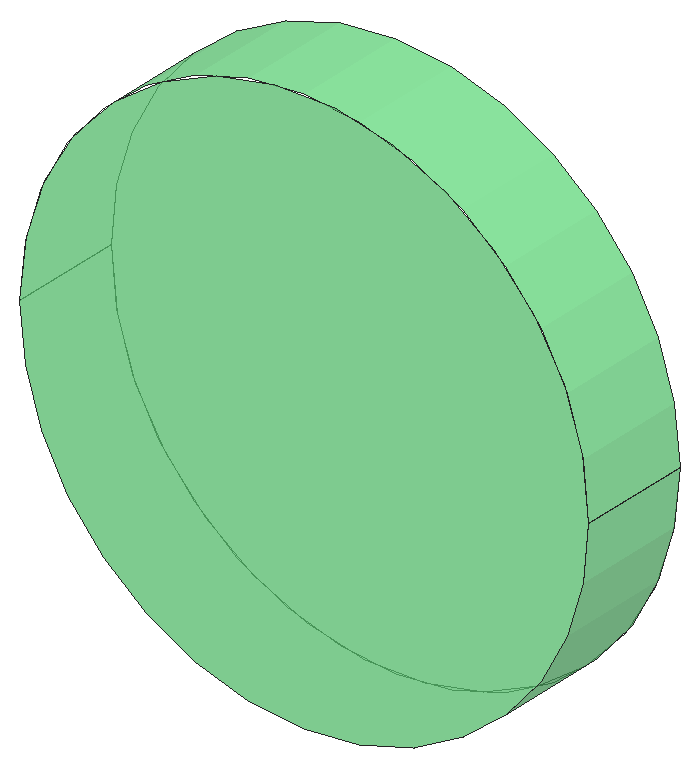
Revit family "501_MEP_TRW", category Оборудование, Revit 2020
Family settings
  Размер круглого соединителя = Использовать диаметр
  Классификация = Нет
  Тип детали = Нормальный
  На основе рабочей плоскости = Нет
  Всегда вертикально = Да
  При загрузке вырезать с полостями = Нет
  Общий = Нет
  Точка расчета площади = Нет
Parameters (values of type "АУПТ")
  План_Заливка цветом = Заливка Цветная Прямоугольное Отверстие : Фиолетовый
  Отметка по умолчанию = 0 mm
  Ключевая пометка = "501_MEP"  # constant formula
  КП_Р_Толщина стенки = 6 mm
  Радиус (стандарт) [instance] = SYS_MAX / 2  # 600 mm
  КП_Р_Радиус [instance] = КП_Р_Диаметр / 2  # 700 mm
  КП_О_Марка = Комментарии к типоразмеру  # "АУПТ"
  Разрез_Заливка цветом = Заливка Цветная Круглое Отверстие : Фиолетовый
  SYS_MAX [instance] = if(Ширина > Высота, Ширина, Высота)  # 1200 mm
  КП_Р_Диаметр [instance] = SYS_MAX + Расширение границ * 2  # 1400 mm
  SYS_YES = 1 = 1  # yes
  SYS_WIDTH [instance] = Ширина / 2 + Расширение границ  # 700 mm
  Ширина [instance] = 1200 mm
  Толщина [instance] = 280 mm
  Расширение границ [instance] = 100 mm
  Описание = "Для плагина «Менеджер отверстий»"  # constant formula
  Комментарии к типоразмеру = "АУПТ"
  Группа модели = "Задание на гильзу в стене"  # constant formula
  SYS_OFFSET_UP [instance] = 0 mm
  SYS_OFFSET_DOWN [instance] = 0 mm
  SYS_NO = 1 = 0  # no
  SYS_HEIGHT [instance] = Высота / 2 + Расширение границ  # 700 mm
  Высота [instance] = 1200 mm
Types (5, lengths in mm): name | План_Заливка цветом | Радиус (стандарт) | КП_Р_Радиус | КП_О_Марка | Разрез_Заливка цветом | SYS_MAX | КП_Р_Диаметр | SYS_WIDTH | Ширина | Расширение границ | Комментарии к типоразмеру | SYS_HEIGHT | Высота
  ОВ | Заливка Цветная Прямоугольное Отверстие : Желтый | 500 | 550 | "ОВ" | Заливка Цветная Круглое Отверстие : Желтый | 1000 | 1100 | 550 | 1000 | 50 | "ОВ" | 550 | 1000
  ВК | Заливка Цветная Прямоугольное Отверстие : Синий | 500 | 550 | "ВК" | Заливка Цветная Круглое Отверстие : Синий | 1000 | 1100 | 550 | 1000 | 50 | "ВК" | 550 | 1000
  ЭОМ | Заливка Цветная Прямоугольное Отверстие : Красный | 500 | 550 | "ЭОМ" | Заливка Цветная Круглое Отверстие : Красный | 1000 | 1100 | 550 | 1000 | 50 | "ЭОМ" | 550 | 1000
  СС | Заливка Цветная Прямоугольное Отверстие : Зеленый | 500 | 550 | "СС" | Заливка Цветная Круглое Отверстие : Зеленый | 1000 | 1100 | 550 | 1000 | 50 | "СС" | 550 | 1000
  АУПТ | Заливка Цветная Прямоугольное Отверстие : Фиолетовый | 600 | 700 | "АУПТ" | Заливка Цветная Круглое Отверстие : Фиолетовый | 1200 | 1400 | 700 | 1200 | 100 | "АУПТ" | 700 | 1200
Reference planes
  plane 1 "Центр (Вперед/Назад)": y = 0
  plane 2 "Вниз": z = 0
  plane 3 "По центру (Влево/Вправо)": x = 0
  plane 4 "Вверх": z = 1200
  plane 5 "Влево": x = -600
  plane 6 "Вправо": x = 600
  plane 7 "Центр (Вверх/Вниз)": z = 600
  plane 8 "Назад": y = 140
  plane 9 "Вперед": y = -140
  plane 10: x = -700
  plane 11: z = 1300
  plane 12: x = 700
  plane 13: z = -100
  plane 14: z = 0
  plane 15: z = 1200
Forms (mm)
  Extrusion 1, solid
    sketch origin (-606.998, -140, 1200) x (-1, 0, 0) y (0, 0, 1)
      loop
        circle (-606.998, -600) r 700
    from 0 to 280 <- "Толщина"
Lines and regions (mm)
  model lines, style "00"
    curve 1: line (0, 0, 1200) -> (0, 0, 0)
  model lines, style "Обмен заданиями_MEP", detail levels fine
    curve 2: circle (0, -140, 600) r 600 normal (0, 1, 0)
    curve 3: circle (0, 140, 600) r 600 normal (0, 1, 0)
    curve 4: circle (0, -140, 600) r 700 normal (0, 1, 0)
    curve 5: circle (0, 140, 600) r 700 normal (0, 1, 0)
Dimensions and locks
  equal spacing: plane 5 "Влево", plane 3 "По центру (Влево/Вправо)", plane 6 "Вправо"
  equal spacing: plane 4 "Вверх", plane 7 "Центр (Вверх/Вниз)", plane 2 "Вниз"
  "Ширина": plane 5 "Влево" to plane 6 "Вправо"
  "Высота": plane 4 "Вверх" to plane 2 "Вниз"
  "Толщина": plane 8 "Назад" to plane 9 "Вперед"
  equal spacing: plane 8 "Назад", plane 1 "Центр (Вперед/Назад)", plane 9 "Вперед"
  "SYS_WIDTH": plane 3 "По центру (Влево/Вправо)" to plane 10
  "SYS_WIDTH": plane 12 to plane 3 "По центру (Влево/Вправо)"
  "SYS_HEIGHT": plane 7 "Центр (Вверх/Вниз)" to plane 13
  "SYS_HEIGHT": plane 11 to plane 7 "Центр (Вверх/Вниз)"
  "SYS_OFFSET_DOWN": plane 2 "Вниз" to plane 14
  "SYS_OFFSET_UP": plane 15 to plane 4 "Вверх"
  locked: plane 3 "По центру (Влево/Вправо)" to Extrusion 1 sketch curve
  locked: Extrusion 1 sketch curve to plane 7 "Центр (Вверх/Вниз)"
  locked: curve 3 to plane 3 "По центру (Влево/Вправо)"
  locked: plane 3 "По центру (Влево/Вправо)" to curve 2
  locked: curve 2 to plane 7 "Центр (Вверх/Вниз)"
  locked: curve 3 to plane 7 "Центр (Вверх/Вниз)"
  "КП_Р_Диаметр": diameter of Extrusion 1 sketch curve
  "Радиус (стандарт)": radius of curve 3
  "Радиус (стандарт)": radius of curve 2
  "КП_Р_Диаметр": diameter of curve 4
  "КП_Р_Диаметр": diameter of curve 5
  aligned and locked: level to plane 2 "Вниз"
  aligned and locked: plane 15 to curve 1
  aligned and locked: plane 14 to curve 1
  aligned and locked: curve 1 to plane 3 "По центру (Влево/Вправо)"
  aligned and locked: nested 1 to plane 7 "Центр (Вверх/Вниз)"
  aligned and locked: plane 1 "Центр (Вперед/Назад)" to nested 2
  aligned and locked: plane 3 "По центру (Влево/Вправо)" to nested 2
Automatic sketch dimensions
  curve 2 to curve 4 = 0 mm  (x2)
  curve 3 to curve 5 = 0 mm  (x2)
Nested families
  nested 1: "Заливка Цветная Круглое Отверстие" at (0, 140, 600) x (1, 0, 0) z (0, 1, 0), W <- "КП_Р_Диаметр", type <- "Разрез_Заливка цветом", type "Фиолетовый"
    with Черный (план) no, Фиолетовый (план) yes, Синий (план) no, План yes, Оранжевый (план) no, Красный (план) no, Зеленый (план) no, Желтый (план) no, Голубой (план) no, W 1400 mm, L 1400 mm
  nested 2: "Заливка Цветная Прямоугольное Отверстие" at (0, 0, 0), W <- "Толщина", L <- "КП_Р_Диаметр", type <- "План_Заливка цветом", type "Фиолетовый"
    with Черный (план) no, Фиолетовый (план) yes, Синий (план) no, План yes, Оранжевый (план) no, Красный (план) no, Зеленый (план) no, Желтый (план) no, Голубой (план) no, W 280 mm, L 1400 mm, AW 50 mm, AL 50 mm
Definition of nested family "Заливка Цветная Круглое Отверстие"
  Parameters (values of type "Зеленый")
    Черный (план) [instance] = and(Черный, План)  # no
    Черный = no
    Фиолетовый (план) [instance] = and(Фиолетовый, План)  # no
    Фиолетовый = no
    Синий (план) [instance] = and(Синий, План)  # no
    Синий = no
    План [instance] = yes
    Оранжевый (план) [instance] = and(Оранжевый, План)  # no
    Оранжевый = no
    Красный (план) [instance] = and(Красный, План)  # no
    Красный = no
    Зеленый (план) [instance] = and(Зеленый, План)  # yes
    Зеленый = yes
    Желтый (план) [instance] = and(Желтый, План)  # no
    Желтый = no
    Голубой (план) [instance] = and(Голубой, План)  # no
    Голубой = no
    L [instance] = W  # 200 mm
    W [instance] = 200 mm
  Types (8, lengths in mm): name | Черный (план) | Черный | Фиолетовый (план) | Фиолетовый | Синий (план) | Синий | Оранжевый (план) | Оранжевый | Красный (план) | Красный | Зеленый (план) | Зеленый | Желтый (план) | Желтый | Голубой (план) | Голубой
    Красный | no | no | no | no | no | no | no | no | yes | yes | no | no | no | no | no | no
    Желтый | no | no | no | no | no | no | no | no | no | no | no | no | yes | yes | no | no
    Оранжевый | no | no | no | no | no | no | yes | yes | no | no | no | no | no | no | no | no
    Голубой | no | no | no | no | no | no | no | no | no | no | no | no | no | no | yes | yes
    Синий | no | no | no | no | yes | yes | no | no | no | no | no | no | no | no | no | no
    Фиолетовый | no | no | yes | yes | no | no | no | no | no | no | no | no | no | no | no | no
    Черный | yes | yes | no | no | no | no | no | no | no | no | no | no | no | no | no | no
    Зеленый | no | no | no | no | no | no | no | no | no | no | yes | yes | no | no | no | no
  Reference planes
    plane 1 "По центру (Вперед/Назад)": y = 0
    plane 2: z = 0
    plane 3 "По центру (Влево/Вправо)": x = 0
  Lines and regions (mm)
    Filled region 1, type "Черный", in view "Опорный уровень", visible <- "Черный (план)"
      outline origin (630.409, -492.529, 0) x (1, 0, 0) y (0, 1, 0)
        loop
          circle (-630.409, 492.529) r 100
    Filled region 2, type "Голубой", in view "Опорный уровень", visible <- "Голубой (план)"
      outline origin (520, -360, 0) x (1, 0, 0) y (0, 1, 0)
        loop
          circle (-520, 360) r 100
    Filled region 3, type "Желтый", in view "Опорный уровень", visible <- "Желтый (план)"
      outline origin (500, -320, 0) x (1, 0, 0) y (0, 1, 0)
        loop
          circle (-500, 320) r 100
    Filled region 4, type "Зеленый", in view "Опорный уровень", visible <- "Зеленый (план)"
      outline origin (630.409, -492.529, 0) x (1, 0, 0) y (0, 1, 0)
        loop
          circle (-630.409, 492.529) r 100
    Filled region 5, type "Красный", in view "Опорный уровень", visible <- "Красный (план)"
      outline origin (630.409, -492.529, 0) x (1, 0, 0) y (0, 1, 0)
        loop
          circle (-630.409, 492.529) r 100
    Filled region 6, type "Оранжевый", in view "Опорный уровень", visible <- "Оранжевый (план)"
      outline origin (630.409, -492.529, 0) x (1, 0, 0) y (0, 1, 0)
        loop
          circle (-630.409, 492.529) r 100
    Filled region 7, type "Синий", in view "Опорный уровень", visible <- "Синий (план)"
      outline origin (630.409, -492.529, 0) x (1, 0, 0) y (0, 1, 0)
        loop
          circle (-630.409, 492.529) r 100
    Filled region 8, type "Фиолетовый", in view "Опорный уровень", visible <- "Фиолетовый (план)"
      outline origin (580, -340, 0) x (1, 0, 0) y (0, 1, 0)
        loop
          circle (-580, 340) r 100
    detail lines, in view "Опорный уровень"
      curve 1: circle (0, 0, 0) r 100 normal (0, 0, 1)
  Dimensions and locks
    "W": diameter of curve 1
    aligned and locked: Filled region 8 sketch curve to curve 1
    aligned and locked: Filled region 7 sketch curve to curve 1
    aligned and locked: Filled region 6 sketch curve to curve 1
    aligned and locked: Filled region 5 sketch curve to curve 1
    aligned and locked: Filled region 4 sketch curve to curve 1
    aligned and locked: Filled region 3 sketch curve to curve 1
    aligned and locked: Filled region 2 sketch curve to curve 1
    aligned and locked: Filled region 1 sketch curve to curve 1
  Automatic sketch dimensions
    plane 1 "По центру (Вперед/Назад)" to curve 1 = 0 mm
    curve 1 to plane 3 "По центру (Влево/Вправо)" = 0 mm
Definition of nested family "Заливка Цветная Прямоугольное Отверстие"
  Parameters (values of type "Зеленый")
    Черный (план) [instance] = and(Черный, План)  # no
    Черный = no
    Фиолетовый (план) [instance] = and(Фиолетовый, План)  # no
    Фиолетовый = no
    Синий (план) [instance] = and(Синий, План)  # no
    Синий = no
    План [instance] = yes
    Оранжевый (план) [instance] = and(Оранжевый, План)  # no
    Оранжевый = no
    Красный (план) [instance] = and(Красный, План)  # no
    Красный = no
    Зеленый (план) [instance] = and(Зеленый, План)  # yes
    Зеленый = yes
    Желтый (план) [instance] = and(Желтый, План)  # no
    Желтый = no
    Голубой (план) [instance] = and(Голубой, План)  # no
    Голубой = no
    L [instance] = 400 mm
    W [instance] = 200 mm
    AW [instance] = if(and(L > 500 mm, W > 500 mm), 100 mm, if(and(L < 200 mm, W < 200 mm), 25 mm, 50 mm))  # 50 mm
    AL [instance] = if(and(L > 500 mm, W > 500 mm), 100 mm, if(and(L < 200 mm, W < 200 mm), 25 mm, 50 mm))  # 50 mm
  Types (8, lengths in mm): name | Черный (план) | Черный | Фиолетовый (план) | Фиолетовый | Синий (план) | Синий | Оранжевый (план) | Оранжевый | Красный (план) | Красный | Зеленый (план) | Зеленый | Желтый (план) | Желтый | Голубой (план) | Голубой
    Красный | no | no | no | no | no | no | no | no | yes | yes | no | no | no | no | no | no
    Желтый | no | no | no | no | no | no | no | no | no | no | no | no | yes | yes | no | no
    Оранжевый | no | no | no | no | no | no | yes | yes | no | no | no | no | no | no | no | no
    Голубой | no | no | no | no | no | no | no | no | no | no | no | no | no | no | yes | yes
    Синий | no | no | no | no | yes | yes | no | no | no | no | no | no | no | no | no | no
    Фиолетовый | no | no | yes | yes | no | no | no | no | no | no | no | no | no | no | no | no
    Черный | yes | yes | no | no | no | no | no | no | no | no | no | no | no | no | no | no
    Зеленый | no | no | no | no | no | no | no | no | no | no | yes | yes | no | no | no | no
  Reference planes
    plane 1 "По центру (Вперед/Назад)": y = 0
    plane 2: z = 0
    plane 3 "По центру (Влево/Вправо)": x = 0
    plane 4: x = 200
    plane 5: x = -200
    plane 6: y = 100
    plane 7: y = -100
    plane 8: y = 50
    plane 9: x = -150
  Lines and regions (mm)
    Filled region 1, type "Черный", in view "Опорный уровень", visible <- "Черный"
      outline origin (0, 0, 0) x (1, 0, 0) y (0, 1, 0)
        loop
          line (-200, 100) -> (-200, -100) -> (-150, 50) -> (200, 100) -> (-200, 100)
    Filled region 2, type "Голубой", in view "Опорный уровень", visible <- "Голубой"
      outline origin (0, 0, 0) x (1, 0, 0) y (0, 1, 0)
        loop
          line (-200, 100) -> (-200, -100) -> (-150, 50) -> (200, 100) -> (-200, 100)
    Filled region 3, type "Желтый", in view "Опорный уровень", visible <- "Желтый"
      outline origin (0, 0, 0) x (1, 0, 0) y (0, 1, 0)
        loop
          line (-200, 100) -> (-200, -100) -> (-150, 50) -> (200, 100) -> (-200, 100)
    Filled region 4, type "Зеленый", in view "Опорный уровень", visible <- "Зеленый"
      outline origin (0, 0, 0) x (1, 0, 0) y (0, 1, 0)
        loop
          line (-200, 100) -> (-200, -100) -> (-150, 50) -> (200, 100) -> (-200, 100)
    Filled region 5, type "Красный", in view "Опорный уровень", visible <- "Красный"
      outline origin (0, 0, 0) x (1, 0, 0) y (0, 1, 0)
        loop
          line (-200, 100) -> (-200, -100) -> (-150, 50) -> (200, 100) -> (-200, 100)
    Filled region 6, type "Оранжевый", in view "Опорный уровень", visible <- "Оранжевый"
      outline origin (0, 0, 0) x (1, 0, 0) y (0, 1, 0)
        loop
          line (-200, 100) -> (-200, -100) -> (-150, 50) -> (200, 100) -> (-200, 100)
    Filled region 7, type "Синий", in view "Опорный уровень", visible <- "Синий"
      outline origin (0, 0, 0) x (1, 0, 0) y (0, 1, 0)
        loop
          line (-200, 100) -> (-200, -100) -> (-150, 50) -> (200, 100) -> (-200, 100)
    Filled region 8, type "Фиолетовый", in view "Опорный уровень", visible <- "Фиолетовый"
      outline origin (0, 0, 0) x (1, 0, 0) y (0, 1, 0)
        loop
          line (-200, 100) -> (-200, -100) -> (-150, 50) -> (200, 100) -> (-200, 100)
    Filled region 9, type "Черный", in view "Опорный уровень", visible <- "Черный (план)"
      outline origin (630.409, -492.529, 0) x (1, 0, 0) y (0, 1, 0)
        loop
          line (-780.409, 542.529) -> (-830.409, 392.529) -> (-430.409, 392.529) -> (-430.409, 592.529) -> (-780.409, 542.529)
    Filled region 10, type "Голубой", in view "Опорный уровень", visible <- "Голубой (план)"
      outline origin (520, -360, 0) x (1, 0, 0) y (0, 1, 0)
        loop
          line (-670, 410) -> (-720, 260) -> (-320, 260) -> (-320, 460) -> (-670, 410)
    Filled region 11, type "Желтый", in view "Опорный уровень", visible <- "Желтый (план)"
      outline origin (500, -320, 0) x (1, 0, 0) y (0, 1, 0)
        loop
          line (-300, 420) -> (-650, 370) -> (-700, 220) -> (-300, 220) -> (-300, 420)
    Filled region 12, type "Зеленый", in view "Опорный уровень", visible <- "Зеленый (план)"
      outline origin (630.409, -492.529, 0) x (1, 0, 0) y (0, 1, 0)
        loop
          line (-430.409, 592.529) -> (-780.409, 542.529) -> (-830.409, 392.529) -> (-430.409, 392.529) -> (-430.409, 592.529)
    Filled region 13, type "Красный", in view "Опорный уровень", visible <- "Красный (план)"
      outline origin (630.409, -492.529, 0) x (1, 0, 0) y (0, 1, 0)
        loop
          line (-780.409, 542.529) -> (-830.409, 392.529) -> (-430.409, 392.529) -> (-430.409, 592.529) -> (-780.409, 542.529)
    Filled region 14, type "Оранжевый", in view "Опорный уровень", visible <- "Оранжевый (план)"
      outline origin (630.409, -492.529, 0) x (1, 0, 0) y (0, 1, 0)
        loop
          line (-830.409, 392.529) -> (-430.409, 392.529) -> (-430.409, 592.529) -> (-780.409, 542.529) -> (-830.409, 392.529)
    Filled region 15, type "Синий", in view "Опорный уровень", visible <- "Синий (план)"
      outline origin (630.409, -492.529, 0) x (1, 0, 0) y (0, 1, 0)
        loop
          line (-830.409, 392.529) -> (-430.409, 392.529) -> (-430.409, 592.529) -> (-780.409, 542.529) -> (-830.409, 392.529)
    Filled region 16, type "Фиолетовый", in view "Опорный уровень", visible <- "Фиолетовый (план)"
      outline origin (580, -340, 0) x (1, 0, 0) y (0, 1, 0)
        loop
          line (-780, 240) -> (-380, 240) -> (-380, 440) -> (-730, 390) -> (-780, 240)
    detail lines, in view "Опорный уровень"
      curve 1: line (-200, 100, 0) -> (200, 100, 0)
      curve 2: line (-200, -100, 0) -> (-200, 100, 0)
      curve 3: line (200, -100, 0) -> (-200, -100, 0)
      curve 4: line (200, 100, 0) -> (200, -100, 0)
  Dimensions and locks
    equal spacing: plane 5, plane 3 "По центру (Влево/Вправо)", plane 4
    equal spacing: plane 6, plane 1 "По центру (Вперед/Назад)", plane 7
    "W": plane 6 to plane 7
    "L": plane 5 to plane 4
    plane 5 to plane 3 "По центру (Влево/Вправо)" = 200 mm
    "AL": plane 5 to plane 9
    "AW": plane 6 to plane 8
    aligned and locked: plane 5 to Filled region 1 sketch curve
    aligned and locked: plane 6 to Filled region 1 sketch curve
    aligned and locked: Filled region 16 sketch curve to Filled region 8  (x2)
    aligned and locked: Filled region 16 sketch curve to plane 7
    aligned and locked: Filled region 16 sketch curve to plane 4
    aligned and locked: Filled region 15 sketch curve to Filled region 8  (x2)
    aligned and locked: Filled region 15 sketch curve to plane 4
    aligned and locked: Filled region 15 sketch curve to plane 7
    aligned and locked: Filled region 14 sketch curve to Filled region 8  (x2)
    aligned and locked: Filled region 14 sketch curve to plane 4
    aligned and locked: Filled region 14 sketch curve to plane 7
    aligned and locked: Filled region 13 sketch curve to Filled region 8  (x2)
    aligned and locked: Filled region 13 sketch curve to plane 7
    aligned and locked: Filled region 13 sketch curve to plane 4
    aligned and locked: Filled region 12 sketch curve to plane 4
    aligned and locked: Filled region 12 sketch curve to plane 7
    aligned and locked: Filled region 12 sketch curve to Filled region 8  (x2)
    aligned and locked: Filled region 11 sketch curve to plane 4
    aligned and locked: Filled region 11 sketch curve to plane 7
    aligned and locked: Filled region 11 sketch curve to Filled region 8  (x2)
    aligned and locked: Filled region 10 sketch curve to Filled region 8  (x2)
    aligned and locked: Filled region 10 sketch curve to plane 7
    aligned and locked: Filled region 10 sketch curve to plane 4
    aligned and locked: Filled region 9 sketch curve to Filled region 8  (x2)
    aligned and locked: Filled region 9 sketch curve to plane 7
    aligned and locked: Filled region 9 sketch curve to plane 4
    aligned and locked: curve 2 to plane 5
    aligned and locked: plane 7 to curve 3
    aligned and locked: curve 4 to plane 4
    aligned and locked: curve 1 to plane 6
  Automatic sketch dimensions
    Filled region 1 sketch curve to plane 8 = 0 mm
    Filled region 1 sketch curve to plane 9 = 0 mm
    Filled region 1 sketch curve to plane 4 = 0 mm
    Filled region 1 sketch curve to plane 7 = 0 mm
    Filled region 2 sketch curve to plane 5 = 0 mm
    Filled region 2 sketch curve to plane 8 = 0 mm
    Filled region 2 sketch curve to plane 9 = 0 mm
    Filled region 2 sketch curve to plane 4 = 0 mm
    Filled region 2 sketch curve to plane 7 = 0 mm
    Filled region 2 sketch curve to plane 6 = 0 mm
    Filled region 3 sketch curve to plane 5 = 0 mm
    Filled region 3 sketch curve to plane 8 = 0 mm
    Filled region 3 sketch curve to plane 9 = 0 mm
    Filled region 3 sketch curve to plane 4 = 0 mm
    Filled region 3 sketch curve to plane 7 = 0 mm
    Filled region 3 sketch curve to plane 6 = 0 mm
    Filled region 4 sketch curve to plane 5 = 0 mm
    Filled region 4 sketch curve to plane 8 = 0 mm
    Filled region 4 sketch curve to plane 9 = 0 mm
    Filled region 4 sketch curve to plane 4 = 0 mm
    Filled region 4 sketch curve to plane 7 = 0 mm
    Filled region 4 sketch curve to plane 6 = 0 mm
    Filled region 5 sketch curve to plane 5 = 0 mm
    Filled region 5 sketch curve to plane 8 = 0 mm
    Filled region 5 sketch curve to plane 9 = 0 mm
    Filled region 5 sketch curve to plane 4 = 0 mm
    Filled region 5 sketch curve to plane 7 = 0 mm
    Filled region 5 sketch curve to plane 6 = 0 mm
    Filled region 6 sketch curve to plane 5 = 0 mm
    Filled region 6 sketch curve to plane 8 = 0 mm
    Filled region 6 sketch curve to plane 9 = 0 mm
    Filled region 6 sketch curve to plane 4 = 0 mm
    Filled region 6 sketch curve to plane 7 = 0 mm
    Filled region 6 sketch curve to plane 6 = 0 mm
    Filled region 7 sketch curve to plane 5 = 0 mm
    Filled region 7 sketch curve to plane 8 = 0 mm
    Filled region 7 sketch curve to plane 9 = 0 mm
    Filled region 7 sketch curve to plane 4 = 0 mm
    Filled region 7 sketch curve to plane 7 = 0 mm
    Filled region 7 sketch curve to plane 6 = 0 mm
    Filled region 8 sketch curve to plane 5 = 0 mm
    Filled region 8 sketch curve to plane 8 = 0 mm
    Filled region 8 sketch curve to plane 9 = 0 mm
    Filled region 8 sketch curve to plane 4 = 0 mm
    Filled region 8 sketch curve to plane 7 = 0 mm
    Filled region 8 sketch curve to plane 6 = 0 mm
